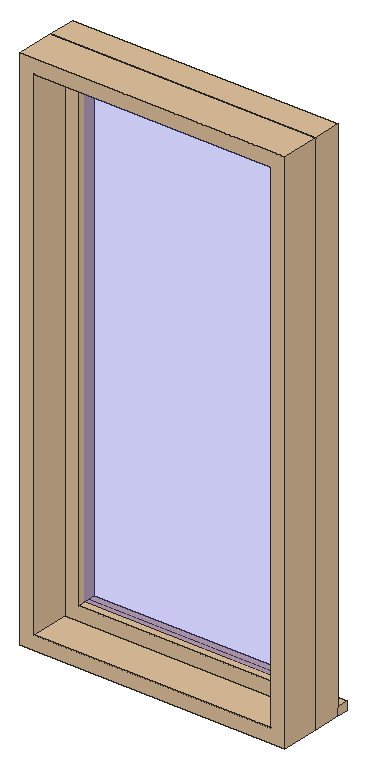
Revit family
Parameters (values of type "0610 x 1220mm")
  Glass Pane Material = Glass
  Height [instance] = 1220.00 mm
  Sash Material = Sash
  Default Sill Height = 915.00 mm
  Wall Closure = (empty or 0)
  Width [instance] = 610.00 mm
  Window Inset = 19.00 mm
Types (4, lengths in mm): name | Height | Default Sill Height | Width
  (no name) | 1220.00 | 915.00 | 610.00
  0610 x 1220mm | 1220.00 | 915.00 | 610.00
  0406 x 610mm | 610.00 | 915.00 | 406.00
  0915 x 1830mm | 1830.00 | 305.00 | 915.00
Reference planes
  plane 1: y = 0
  plane 2: z = 0
  plane 3 "Center": x = -38.1
  plane 4 "Left": x = -343.1
  plane 5 "Right": x = 266.9
  plane 6 "Sill": z = 915
  plane 7 "Top": z = 2135
  plane 8: y = 76.2
  plane 9: y = -76.2
  plane 10: y = 57.2
  plane 11 "Closure": y = 28.625
Forms (mm)
  Extrusion 1, solid, material "Sash" <- "Sash Material"
    sketch origin (0, 0, 0) x (1, 0, 0) y (0, 0, 1)
      loop
        line (-343.1, 2135) -> (-343.1, 915) -> (266.9, 915) -> (266.9, 2135) -> (-343.1, 2135)
      loop
        line (-324.05, 2115.95) -> (-324.05, 934.05) -> (247.85, 934.05) -> (247.85, 2115.95) -> (-324.05, 2115.95)
    from -76.2 to -12.75
  Extrusion 2, solid
    sketch origin (0, 0, 0) x (-1, 0, 0) y (0, 0, 1)
      loop
        line (-266.9, 2135) -> (-266.9, 915) -> (343.1, 915) -> (343.1, 2135) -> (-266.9, 2135)
      loop
        line (-235.15, 2103.25) -> (-235.15, 946.75) -> (311.35, 946.75) -> (311.35, 2103.25) -> (-235.15, 2103.25)
    from 12.75 to -76.2
  Extrusion 3, solid, material "Sash" <- "Sash Material"
    sketch origin (0, 0, 0) x (-1, 0, 0) y (0, 0, 1)
      loop
        line (-247.85, 2115.95) -> (-247.85, 934.05) -> (324.05, 934.05) -> (324.05, 2115.95) -> (-247.85, 2115.95)
      loop
        line (-203.4, 2071.5) -> (-203.4, 978.5) -> (279.6, 978.5) -> (279.6, 2071.5) -> (-203.4, 2071.5)
    from 12.75 to 57.2
  Extrusion 4, solid, material "Glass" <- "Glass Pane Material"
    sketch origin (-124.971, 0, -117.036) x (1, 0, 0) y (0, 0, 1)
      loop
        line (-154.629, 2188.536) -> (-154.629, 1095.536) -> (328.371, 1095.536) -> (328.371, 2188.536) -> (-154.629, 2188.536)
    from -41.325 to -28.625
  Extrusion 5, solid, material "Sash" <- "Sash Material"
    sketch origin (0, 0, 0) x (-1, 0, 0) y (0, 0, 1)
      loop
        line (-266.9, 934.05) -> (-266.9, 915) -> (343.1, 915) -> (343.1, 934.05) -> (-266.9, 934.05)
    from 76.2 to 101.6
Lines and regions (mm)
  Opening 1
    outline origin (-1524, -76.2, 0) x (1, 0, 0) y (0, 0, 1)
      loop
        line (1180.9, 2135) -> (1180.9, 915) -> (1790.9, 915) -> (1790.9, 2135) -> (1180.9, 2135)
  symbolic lines, style "WindowsFrameMullionProjection"
    curve 1: line (-343.1, 76.2, 0) -> (-324.05, 76.2, 0)
    curve 2: line (-324.05, 12.75, 0) -> (-324.05, 76.2, 0)
    curve 3: line (-324.05, 12.75, 0) -> (-311.35, 12.75, 0)
    curve 4: line (-311.35, -76.2, 0) -> (-311.35, 12.75, 0)
    curve 5: line (266.9, 76.2, 0) -> (247.85, 76.2, 0)
    curve 6: line (235.15, 12.75, 0) -> (235.15, -76.2, 0)
    curve 7: line (235.15, 12.75, 0) -> (247.85, 12.75, 0)
    curve 8: line (247.85, 12.75, 0) -> (247.85, 76.2, 0)
    curve 9: line (-324.05, 57.2, 0) -> (-279.6, 57.2, 0)
    curve 10: line (-324.05, 57.2, 0) -> (-324.05, 12.75, 0)
    curve 11: line (-324.05, 12.75, 0) -> (-279.6, 12.75, 0)
    curve 12: line (-279.6, 57.2, 0) -> (-279.6, 12.75, 0)
    curve 13: line (247.85, 57.2, 0) -> (203.4, 57.2, 0)
    curve 14: line (247.85, 57.2, 0) -> (247.85, 12.75, 0)
    curve 15: line (247.85, 12.75, 0) -> (203.4, 12.75, 0)
    curve 16: line (203.4, 57.2, 0) -> (203.4, 12.75, 0)
    curve 18: line (-311.35, -76.2, 0) -> (-343.1, -76.2, 0)
    curve 19: line (235.15, -76.2, 0) -> (266.9, -76.2, 0)
  symbolic lines, style "WindowsGlassProjection"
    curve 17: line (-279.6, 34.975, 0) -> (203.4, 34.975, 0)
Text (mm)
  text "EXTERIOR" at (-1186.152, 579.219, 0), in view "Floor Line"
  text "INTERIOR" at (-1186.152, -450.135, 0), in view "Floor Line"
  text "Exterior" at (0, 1486.397, 2483.789), in view "Left"
  text "Exterior" at (0, 464.664, 3176.206), in view "Right"
Dimensions and locks
  equal spacing: plane 4 "Left", plane 3 "Center", plane 5 "Right"
  "Width": plane 4 "Left" to plane 5 "Right"
  "Default Sill Height": plane 2 to plane 6 "Sill"
  "Window Inset": plane 8 to plane 10
  locked: plane 10 to Extrusion 3 at 44.45
  locked: plane 10 to Extrusion 4 at 15.875
  locked: Extrusion 4 to Extrusion 4 at 12.7
  locked: Extrusion 5 sketch curve to Extrusion 1 at 19.05
  "Height": plane 6 "Sill" to plane 7 "Top"
  locked: Extrusion 5 to Extrusion 1 at 25.4
  locked: plane 11 "Closure" to plane 8 at 47.575
  aligned and locked: plane 7 "Top" to Opening 1 sketch curve
  aligned and locked: plane 6 "Sill" to Opening 1 sketch curve  (x2)
  aligned and locked: plane 5 "Right" to Opening 1 sketch curve
  aligned and locked: plane 4 "Left" to Opening 1 sketch curve
  aligned and locked: plane 9 to host wall
  aligned and locked: host wall to Extrusion 2
  aligned and locked: plane 10 to Extrusion 3
  aligned and locked: plane 8 to host wall
  aligned and locked: host wall to Extrusion 1
  aligned and locked: Extrusion 2 to Extrusion 1
  aligned and locked: Extrusion 1 to Extrusion 3
  aligned and locked: Extrusion 4 sketch curve to Extrusion 3  (x4)
  aligned and locked: curve 5 to Extrusion 1  (x2)
  aligned and locked: curve 6 to Extrusion 2
  aligned and locked: curve 4 to Extrusion 2
  aligned and locked: curve 16 to Extrusion 3
  aligned and locked: Extrusion 1 to curve 11
  aligned and locked: Extrusion 1 to curve 7
  aligned and locked: Extrusion 5 to host wall
Automatic sketch dimensions
  Extrusion 1 sketch curve to plane 4 "Left" = 0.00 mm
  Extrusion 1 sketch curve to plane 5 "Right" = 0.00 mm
  Extrusion 1 sketch curve to plane 4 "Left" = 19.05 mm
  plane 5 "Right" to Extrusion 1 sketch curve = 19.05 mm
  Extrusion 1 sketch curve to plane 6 "Sill" = 0.00 mm
  Extrusion 1 sketch curve to plane 7 "Top" = 0.00 mm
  Extrusion 1 sketch curve to plane 6 "Sill" = 19.05 mm
  plane 7 "Top" to Extrusion 1 sketch curve = 19.05 mm
  Extrusion 2 sketch curve to plane 5 "Right" = 0.00 mm
  Extrusion 2 sketch curve to plane 4 "Left" = 0.00 mm
  plane 5 "Right" to Extrusion 2 sketch curve = 31.75 mm
  Extrusion 2 sketch curve to plane 4 "Left" = 31.75 mm
  Extrusion 2 sketch curve to plane 6 "Sill" = 0.00 mm
  Extrusion 2 sketch curve to plane 7 "Top" = 0.00 mm
  Extrusion 2 sketch curve to plane 6 "Sill" = 31.75 mm
  plane 7 "Top" to Extrusion 2 sketch curve = 31.75 mm
  plane 5 "Right" to Extrusion 3 sketch curve = 19.05 mm
  plane 5 "Right" to Extrusion 3 sketch curve = 63.50 mm
  Extrusion 3 sketch curve to plane 4 "Left" = 63.50 mm
  Extrusion 3 sketch curve to plane 4 "Left" = 19.05 mm
  Extrusion 3 sketch curve to plane 6 "Sill" = 19.05 mm
  Extrusion 3 sketch curve to plane 6 "Sill" = 63.50 mm
  plane 7 "Top" to Extrusion 3 sketch curve = 63.50 mm
  plane 7 "Top" to Extrusion 3 sketch curve = 19.05 mm
  curve 18 to plane 4 "Left" = 0.00 mm
  curve 1 to plane 4 "Left" = 0.00 mm
  curve 2 to plane 8 = 0.00 mm
  curve 10 to plane 10 = 0.00 mm
  curve 13 to plane 10 = 0.00 mm
  curve 19 to plane 5 "Right" = 0.00 mm
  curve 1 to curve 2 = 19.05 mm
  curve 9 to curve 12 = 44.45 mm
  plane 5 "Right" to curve 13 = 19.05 mm
  curve 19 to plane 9 = 0.00 mm
  curve 4 to plane 9 = 0.00 mm
  curve 11 to curve 17 = 22.225 mm
  Extrusion 5 sketch curve to plane 5 "Right" = 0.00 mm
  Extrusion 5 sketch curve to plane 4 "Left" = 0.00 mm
  Extrusion 5 sketch curve to plane 6 "Sill" = 19.05 mm
